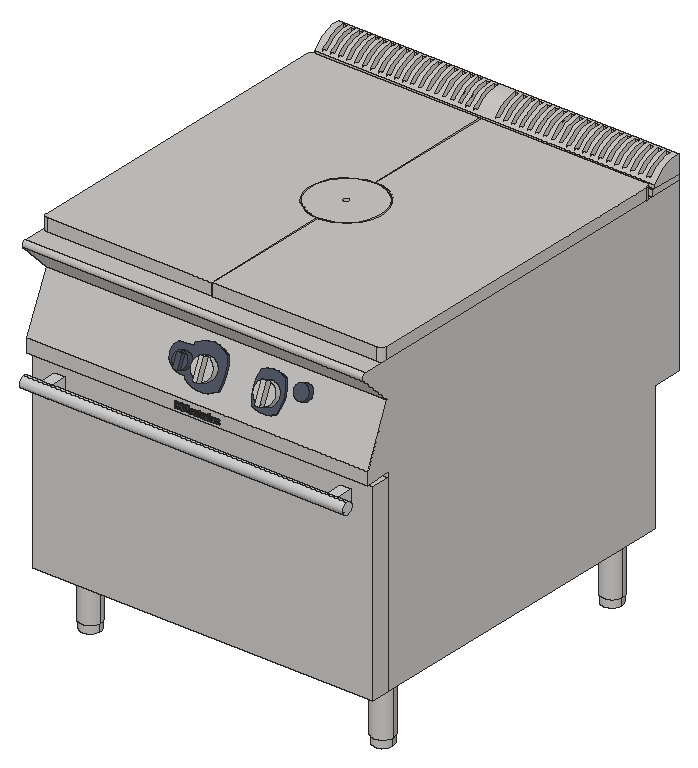
Revit family "QF_ELECTROLUXPROFESSIONAL_391606_E9DDATBBMEI", category Attrezzature speciali, Revit 2021 (continued)
Automatic sketch dimensions
  Extrusion 9 sketch curve to Extrusion 9 sketch curve = 0.408 mm
  Extrusion 9 sketch curve to Extrusion 9 sketch curve = 0.743 mm
  Extrusion 9 sketch curve to Extrusion 9 sketch curve = 1.16 mm
  Extrusion 9 sketch curve to Extrusion 9 sketch curve = 0.329 mm
  Extrusion 9 sketch curve to Extrusion 9 sketch curve = 1.054 mm
  Extrusion 9 sketch curve to Extrusion 9 sketch curve = 1.056 mm
  Extrusion 9 sketch curve to Extrusion 9 sketch curve = 0.129 mm
  Extrusion 9 sketch curve to Extrusion 9 sketch curve = 0.489 mm
  Extrusion 9 sketch curve to Extrusion 9 sketch curve = 0.441 mm
  Extrusion 9 sketch curve to Extrusion 9 sketch curve = 1.151 mm
  Extrusion 9 sketch curve to Extrusion 9 sketch curve = 1.141 mm  (x2)
  Extrusion 9 sketch curve to Extrusion 9 sketch curve = 0.768 mm
  Extrusion 9 sketch curve to Extrusion 9 sketch curve = 1.653 mm
  Extrusion 9 sketch curve to Extrusion 9 sketch curve = 0.499 mm
  Extrusion 9 sketch curve to Extrusion 9 sketch curve = 0.964 mm
  Extrusion 9 sketch curve to Extrusion 9 sketch curve = 0.949 mm
  Extrusion 9 sketch curve to Extrusion 9 sketch curve = 1.345 mm  (x3)
  Extrusion 9 sketch curve to Extrusion 9 sketch curve = 1.101 mm
  Extrusion 9 sketch curve to Extrusion 9 sketch curve = 0.432 mm
  Extrusion 9 sketch curve to Extrusion 9 sketch curve = 1.142 mm
  Extrusion 9 sketch curve to Extrusion 9 sketch curve = 0.959 mm
  Extrusion 9 sketch curve to Extrusion 9 sketch curve = 0.176 mm
  Extrusion 9 sketch curve to Extrusion 9 sketch curve = 0.728 mm
  Extrusion 9 sketch curve to Extrusion 9 sketch curve = 3.375 mm  (x2)
  Extrusion 9 sketch curve to Extrusion 9 sketch curve = 0.541 mm
  Extrusion 9 sketch curve to Extrusion 9 sketch curve = 0.955 mm
  Extrusion 9 sketch curve to Extrusion 9 sketch curve = 1.251 mm
  Extrusion 9 sketch curve to Extrusion 9 sketch curve = 0.572 mm
  Extrusion 9 sketch curve to Extrusion 9 sketch curve = 1.92 mm
  Extrusion 9 sketch curve to Extrusion 9 sketch curve = 1.224 mm
  Extrusion 9 sketch curve to Extrusion 9 sketch curve = 0.745 mm
  Extrusion 9 sketch curve to Extrusion 9 sketch curve = 2.537 mm
  Extrusion 9 sketch curve to Extrusion 9 sketch curve = 0.896 mm  (x3)
  Extrusion 9 sketch curve to Extrusion 9 sketch curve = 0.036 mm
  Extrusion 9 sketch curve to Extrusion 9 sketch curve = 2.607 mm
  Extrusion 9 sketch curve to Extrusion 9 sketch curve = 0.066 mm
  Extrusion 9 sketch curve to Extrusion 9 sketch curve = 0.248 mm
  Extrusion 9 sketch curve to Extrusion 9 sketch curve = 0.449 mm
  Extrusion 9 sketch curve to Extrusion 9 sketch curve = 1.052 mm
  Extrusion 9 sketch curve to Extrusion 9 sketch curve = 1.863 mm
  Extrusion 9 sketch curve to Extrusion 9 sketch curve = 1.31 mm  (x2)
  Extrusion 9 sketch curve to Extrusion 9 sketch curve = 0.901 mm
  Extrusion 9 sketch curve to Extrusion 9 sketch curve = 1.107 mm
  Extrusion 9 sketch curve to Extrusion 9 sketch curve = 2.122 mm
  Extrusion 9 sketch curve to Extrusion 9 sketch curve = 2.101 mm
  Extrusion 9 sketch curve to Extrusion 9 sketch curve = 0.106 mm
  Extrusion 9 sketch curve to Extrusion 9 sketch curve = 0.029 mm
  Extrusion 9 sketch curve to Extrusion 9 sketch curve = 2.09 mm
  Extrusion 9 sketch curve to Extrusion 9 sketch curve = 1.279 mm
  Extrusion 9 sketch curve to Extrusion 9 sketch curve = 2.008 mm
  Extrusion 9 sketch curve to Extrusion 9 sketch curve = 0.738 mm
  Extrusion 9 sketch curve to Extrusion 9 sketch curve = 0.382 mm
  Extrusion 9 sketch curve to Extrusion 9 sketch curve = 0.384 mm
  Extrusion 9 sketch curve to Extrusion 9 sketch curve = 0.002 mm
  Extrusion 9 sketch curve to Extrusion 9 sketch curve = 0.561 mm
  Extrusion 9 sketch curve to Extrusion 9 sketch curve = 0.592 mm
  Extrusion 9 sketch curve to Extrusion 9 sketch curve = 2.692 mm
  Extrusion 9 sketch curve to Extrusion 9 sketch curve = 1.259 mm
  Extrusion 9 sketch curve to Extrusion 9 sketch curve = 0.802 mm
  Extrusion 9 sketch curve to Extrusion 9 sketch curve = 1.024 mm  (x2)
  Extrusion 9 sketch curve to Extrusion 9 sketch curve = 0.682 mm
  Extrusion 9 sketch curve to Extrusion 9 sketch curve = 5.934 mm
  Extrusion 9 sketch curve to Extrusion 9 sketch curve = 2.186 mm
  Extrusion 9 sketch curve to Extrusion 9 sketch curve = 0.337 mm
  Extrusion 9 sketch curve to Extrusion 9 sketch curve = 0.021 mm
  Extrusion 9 sketch curve to Extrusion 9 sketch curve = 1.005 mm
  Extrusion 9 sketch curve to Extrusion 9 sketch curve = 0.552 mm
  Extrusion 9 sketch curve to Extrusion 9 sketch curve = 0.778 mm
  Extrusion 9 sketch curve to Extrusion 9 sketch curve = 0.063 mm
  Extrusion 9 sketch curve to Extrusion 9 sketch curve = 1.023 mm
  Extrusion 9 sketch curve to Extrusion 9 sketch curve = 3.804 mm
  Extrusion 9 sketch curve to Extrusion 9 sketch curve = 0.486 mm
  Extrusion 9 sketch curve to Extrusion 9 sketch curve = 0.266 mm
  Extrusion 9 sketch curve to Extrusion 9 sketch curve = 1.547 mm
  Extrusion 9 sketch curve to Extrusion 9 sketch curve = 0.717 mm  (x2)
  Extrusion 9 sketch curve to Extrusion 9 sketch curve = 1.667 mm
  Extrusion 9 sketch curve to Extrusion 9 sketch curve = 3.174 mm
  Extrusion 9 sketch curve to Extrusion 9 sketch curve = 0.388 mm
  Extrusion 9 sketch curve to Extrusion 9 sketch curve = 1.342 mm
  Extrusion 9 sketch curve to Extrusion 9 sketch curve = 1.521 mm
  Extrusion 9 sketch curve to Extrusion 9 sketch curve = 0.124 mm
  Extrusion 9 sketch curve to Extrusion 9 sketch curve = 0.291 mm
  Extrusion 9 sketch curve to Extrusion 9 sketch curve = 1.049 mm  (x2)
  Extrusion 9 sketch curve to Extrusion 9 sketch curve = 1.7 mm
  Extrusion 9 sketch curve to Extrusion 9 sketch curve = 0.894 mm
  Extrusion 9 sketch curve to Extrusion 9 sketch curve = 0.989 mm
  Extrusion 9 sketch curve to Extrusion 9 sketch curve = 1.168 mm
  Extrusion 9 sketch curve to Extrusion 9 sketch curve = 1.594 mm
  Extrusion 9 sketch curve to Extrusion 9 sketch curve = 0.731 mm
  Extrusion 9 sketch curve to Extrusion 9 sketch curve = 1.566 mm
  Extrusion 9 sketch curve to Extrusion 9 sketch curve = 0.064 mm
  Extrusion 9 sketch curve to Extrusion 9 sketch curve = 0.556 mm  (x2)
  Extrusion 9 sketch curve to Extrusion 9 sketch curve = 0.48 mm
  Extrusion 9 sketch curve to Extrusion 9 sketch curve = 1.018 mm
  Extrusion 9 sketch curve to Extrusion 9 sketch curve = 0.787 mm
  Extrusion 9 sketch curve to Extrusion 9 sketch curve = 0.618 mm
  Extrusion 9 sketch curve to Extrusion 9 sketch curve = 1.672 mm
  Extrusion 9 sketch curve to Extrusion 9 sketch curve = 1.361 mm
  Extrusion 9 sketch curve to Extrusion 9 sketch curve = 0.822 mm
  Extrusion 9 sketch curve to Extrusion 9 sketch curve = 0.069 mm
  Extrusion 9 sketch curve to Extrusion 9 sketch curve = 1.88 mm
  Extrusion 9 sketch curve to Extrusion 9 sketch curve = 0.42 mm
  Extrusion 9 sketch curve to Extrusion 9 sketch curve = 0.062 mm
  Extrusion 9 sketch curve to Extrusion 9 sketch curve = 1.355 mm
  Extrusion 9 sketch curve to Extrusion 9 sketch curve = 2.34 mm
  Extrusion 9 sketch curve to Extrusion 9 sketch curve = 0.493 mm
  Extrusion 9 sketch curve to Extrusion 9 sketch curve = 0.136 mm
  Extrusion 9 sketch curve to Extrusion 9 sketch curve = 0.128 mm
  Extrusion 9 sketch curve to Extrusion 9 sketch curve = 3.616 mm
  Extrusion 9 sketch curve to Extrusion 9 sketch curve = 4.207 mm
  Extrusion 9 sketch curve to Extrusion 9 sketch curve = 0.183 mm
  Extrusion 9 sketch curve to Extrusion 9 sketch curve = 0.895 mm
  Extrusion 9 sketch curve to Extrusion 9 sketch curve = 1.314 mm
  Extrusion 9 sketch curve to Extrusion 9 sketch curve = 3.231 mm
  Extrusion 9 sketch curve to Extrusion 9 sketch curve = 1.299 mm
  Extrusion 9 sketch curve to Extrusion 9 sketch curve = 1.214 mm
  Extrusion 9 sketch curve to Extrusion 9 sketch curve = 1.264 mm
  Extrusion 9 sketch curve to Extrusion 9 sketch curve = 0.109 mm
  Extrusion 9 sketch curve to Extrusion 9 sketch curve = 0.357 mm
  Extrusion 9 sketch curve to Extrusion 9 sketch curve = 0.565 mm
  Extrusion 9 sketch curve to Extrusion 9 sketch curve = 2.504 mm
  Extrusion 9 sketch curve to Extrusion 9 sketch curve = 2.459 mm
  Extrusion 5 to Extrusion 9 sketch curve = 345.888 mm
  Extrusion 9 sketch curve to Extrusion 9 sketch curve = 0.208 mm
  Extrusion 9 sketch curve to Extrusion 9 sketch curve = 0.468 mm  (x2)
  Extrusion 9 sketch curve to Extrusion 9 sketch curve = 1.559 mm
  Extrusion 9 sketch curve to Extrusion 9 sketch curve = 0.422 mm  (x2)
  Extrusion 9 sketch curve to Extrusion 9 sketch curve = 0.494 mm
  Extrusion 9 sketch curve to Extrusion 9 sketch curve = 3.927 mm
  Extrusion 9 sketch curve to Extrusion 9 sketch curve = 0.782 mm
  Extrusion 9 sketch curve to Extrusion 9 sketch curve = 1.268 mm
  Extrusion 9 sketch curve to Extrusion 9 sketch curve = 0.671 mm
  Extrusion 9 sketch curve to Extrusion 9 sketch curve = 0.777 mm
  Extrusion 9 sketch curve to Extrusion 9 sketch curve = 0.704 mm
  Extrusion 9 sketch curve to Extrusion 9 sketch curve = 0.781 mm  (x2)
  Extrusion 9 sketch curve to Extrusion 9 sketch curve = 1.634 mm
  Extrusion 9 sketch curve to Extrusion 9 sketch curve = 0.132 mm
  Extrusion 9 sketch curve to Extrusion 9 sketch curve = 3.136 mm
  Extrusion 9 sketch curve to Extrusion 9 sketch curve = 2.422 mm
  Extrusion 9 sketch curve to Extrusion 9 sketch curve = 0.586 mm
  Extrusion 9 sketch curve to Extrusion 9 sketch curve = 2.046 mm  (x2)
  Extrusion 9 sketch curve to Extrusion 9 sketch curve = 1.241 mm
  Extrusion 9 sketch curve to Extrusion 9 sketch curve = 1.689 mm
  Extrusion 9 sketch curve to Extrusion 9 sketch curve = 2.859 mm
  Extrusion 9 sketch curve to Extrusion 9 sketch curve = 0.627 mm
  Extrusion 9 sketch curve to Extrusion 9 sketch curve = 0.863 mm
  Extrusion 9 sketch curve to Extrusion 9 sketch curve = 0.419 mm
  Extrusion 9 sketch curve to Extrusion 9 sketch curve = 1.514 mm
  Extrusion 9 sketch curve to Extrusion 9 sketch curve = 1.019 mm
  Extrusion 9 sketch curve to Extrusion 9 sketch curve = 0.065 mm
  Extrusion 9 sketch curve to Extrusion 9 sketch curve = 1.215 mm
  Extrusion 9 sketch curve to Extrusion 9 sketch curve = 2.708 mm
  Extrusion 9 sketch curve to Extrusion 9 sketch curve = 1.122 mm
  Extrusion 9 sketch curve to Extrusion 9 sketch curve = 1.153 mm
  Extrusion 9 sketch curve to Extrusion 9 sketch curve = 3.009 mm
  Extrusion 9 sketch curve to Extrusion 9 sketch curve = 0.829 mm  (x2)
  Extrusion 9 sketch curve to Extrusion 9 sketch curve = 0.934 mm
  Extrusion 9 sketch curve to Extrusion 9 sketch curve = 3.376 mm
  Extrusion 9 sketch curve to Extrusion 9 sketch curve = 0.222 mm
  Extrusion 9 sketch curve to Extrusion 9 sketch curve = 1.383 mm
  Extrusion 9 sketch curve to Extrusion 9 sketch curve = 1.556 mm
  Extrusion 9 sketch curve to Extrusion 9 sketch curve = 2.559 mm
  Extrusion 9 sketch curve to Extrusion 9 sketch curve = 2.51 mm
  Extrusion 9 sketch curve to Extrusion 9 sketch curve = 0.131 mm
  Extrusion 9 sketch curve to Extrusion 9 sketch curve = 1.717 mm
  Extrusion 9 sketch curve to Extrusion 9 sketch curve = 1.134 mm
  Extrusion 9 sketch curve to Extrusion 9 sketch curve = 0.366 mm
  Extrusion 9 sketch curve to Extrusion 9 sketch curve = 0.094 mm
  Extrusion 9 sketch curve to Extrusion 9 sketch curve = 1.584 mm
  Extrusion 9 sketch curve to Extrusion 9 sketch curve = 1.501 mm
  Extrusion 9 sketch curve to Extrusion 9 sketch curve = 0.27 mm
  Extrusion 9 sketch curve to Extrusion 9 sketch curve = 1.808 mm
  Extrusion 9 sketch curve to Extrusion 9 sketch curve = 0.643 mm
  Extrusion 9 sketch curve to Extrusion 9 sketch curve = 0.916 mm
  Extrusion 9 sketch curve to Extrusion 9 sketch curve = 0.352 mm
  Extrusion 9 sketch curve to Extrusion 9 sketch curve = 0.458 mm
  Extrusion 9 sketch curve to Extrusion 9 sketch curve = 1.282 mm
  Extrusion 9 sketch curve to Extrusion 9 sketch curve = 1.363 mm
  Extrusion 9 sketch curve to Extrusion 9 sketch curve = 0.685 mm
  Extrusion 9 sketch curve to Extrusion 9 sketch curve = 0.905 mm
  Extrusion 9 sketch curve to Extrusion 9 sketch curve = 2.865 mm
  Extrusion 9 sketch curve to Extrusion 9 sketch curve = 0.472 mm
  Extrusion 9 sketch curve to Extrusion 9 sketch curve = 0.101 mm
  Extrusion 9 sketch curve to Extrusion 9 sketch curve = 0.54 mm
  Extrusion 9 sketch curve to Extrusion 9 sketch curve = 0.02 mm
  Extrusion 9 sketch curve to Extrusion 9 sketch curve = 0.582 mm
  Extrusion 9 sketch curve to Extrusion 9 sketch curve = 0.166 mm
  Extrusion 9 sketch curve to Extrusion 9 sketch curve = 0.16 mm
  Extrusion 9 sketch curve to Extrusion 9 sketch curve = 2.781 mm
  Extrusion 9 sketch curve to Extrusion 9 sketch curve = 1.118 mm
  Extrusion 9 sketch curve to Extrusion 9 sketch curve = 0.613 mm
  Extrusion 9 sketch curve to Extrusion 9 sketch curve = 0.361 mm
  Extrusion 9 sketch curve to Extrusion 9 sketch curve = 0.897 mm
  Extrusion 9 sketch curve to Extrusion 9 sketch curve = 0.167 mm
  Extrusion 9 sketch curve to Extrusion 9 sketch curve = 0.292 mm
  Extrusion 9 sketch curve to Extrusion 9 sketch curve = 0.305 mm
  Extrusion 9 sketch curve to Extrusion 9 sketch curve = 1.557 mm
  Extrusion 9 sketch curve to Extrusion 9 sketch curve = 2.499 mm
  Extrusion 9 sketch curve to Extrusion 9 sketch curve = 3.062 mm
  Extrusion 9 sketch curve to Extrusion 9 sketch curve = 2.968 mm
  Extrusion 9 sketch curve to Extrusion 9 sketch curve = 5.044 mm
  Extrusion 9 sketch curve to Extrusion 9 sketch curve = 0.629 mm  (x2)
  Extrusion 9 sketch curve to Extrusion 9 sketch curve = 1.131 mm
  Extrusion 9 sketch curve to Extrusion 9 sketch curve = 0.137 mm
  Extrusion 9 sketch curve to Extrusion 9 sketch curve = 0.027 mm
  Extrusion 9 sketch curve to Extrusion 9 sketch curve = 2.235 mm
  Extrusion 10 sketch curve to plane 10 = 0 mm
  Extrusion 10 sketch curve to plane 1 "BACK" = 0 mm
  plane 10 to Extrusion 10 sketch curve = 14.288 mm
  Extrusion 10 sketch curve to plane 15 = 49.8 mm
  Extrusion 11 sketch curve to plane 4 "RIGHT" = 14.847 mm
  Extrusion 11 sketch curve to Extrusion 11 sketch curve = 9.296 mm  (x38)
  Extrusion 11 sketch curve to Extrusion 11 sketch curve = 9.397 mm  (x36)
  plane 14 to Extrusion 11 sketch curve = 3.768 mm
  Extrusion 11 sketch curve to plane 14 = 5.528 mm
  Extrusion 11 sketch curve to plane 7 "Center Y" = 20.698 mm
  Extrusion 11 sketch curve to plane 13 = 5.528 mm
  plane 13 to Extrusion 11 sketch curve = 3.768 mm
  plane 1 "BACK" to Extrusion 11 sketch curve = 6.761 mm  (x40)
  Extrusion 11 sketch curve to Extrusion 11 sketch curve = 57.15 mm  (x2)
  Extrusion 11 sketch curve to Extrusion 11 sketch curve = 0 mm  (x38)
  Extrusion 12 sketch curve to plane 1 "BACK" = 0 mm
  Extrusion 12 sketch curve to plane 6 "TOP" = 0 mm
  plane 1 "BACK" to Extrusion 12 sketch curve = 1.769 mm
  plane 10 to Extrusion 12 sketch curve = 23.812 mm
  plane 1 "BACK" to Extrusion 12 sketch curve = 69.85 mm
  plane 10 to Extrusion 12 sketch curve = 14.288 mm
  Extrusion 5 to Extrusion 14 sketch curve = 30.134 mm  (x2)
  Extrusion 14 sketch curve to Extrusion 14 sketch curve = 12.3 mm  (x3)
  Extrusion 14 sketch curve to Extrusion 14 sketch curve = 36.365 mm  (x2)
  Extrusion 14 sketch curve to Extrusion 14 sketch curve = 46.691 mm
  Extrusion 5 to Extrusion 14 sketch curve = 308.131 mm
  Extrusion 14 sketch curve to Extrusion 14 sketch curve = 25.727 mm
  Extrusion 14 sketch curve to Extrusion 14 sketch curve = 26.344 mm
  Extrusion 14 sketch curve to Extrusion 14 sketch curve = 28.57 mm
  Extrusion 16 sketch curve to Extrusion 16 sketch curve = 24.732 mm
  Extrusion 16 sketch curve to Extrusion 16 sketch curve = 0 mm
  Extrusion 5 to Extrusion 17 sketch curve = 42.286 mm
  Extrusion 5 to Extrusion 17 sketch curve = 177.817 mm
  Extrusion 18 sketch curve to Extrusion 18 sketch curve = 0 mm  (x2)
  Extrusion 5 to Extrusion 18 sketch curve = 28.402 mm
  Extrusion 5 to Extrusion 18 sketch curve = 29.762 mm
  Extrusion 18 sketch curve to Extrusion 18 sketch curve = 5.974 mm
  Extrusion 18 sketch curve to Extrusion 18 sketch curve = 0.131 mm
  Extrusion 18 sketch curve to Extrusion 18 sketch curve = 5.168 mm
  Extrusion 18 sketch curve to Extrusion 18 sketch curve = 12.927 mm
  Extrusion 18 sketch curve to Extrusion 18 sketch curve = 23.969 mm  (x2)
  Extrusion 18 sketch curve to Extrusion 18 sketch curve = 36.738 mm
  Extrusion 18 sketch curve to Extrusion 18 sketch curve = 2.986 mm
  Extrusion 18 sketch curve to Extrusion 18 sketch curve = 35.441 mm
  Extrusion 18 sketch curve to Extrusion 18 sketch curve = 28.808 mm
  Extrusion 18 sketch curve to Extrusion 18 sketch curve = 33.329 mm
  Extrusion 18 sketch curve to Extrusion 18 sketch curve = 5.918 mm
  Extrusion 5 to Extrusion 18 sketch curve = 75.859 mm
  Extrusion 5 to Extrusion 18 sketch curve = 325.393 mm
  Extrusion 18 sketch curve to Extrusion 18 sketch curve = 17.177 mm
  Extrusion 18 sketch curve to Extrusion 18 sketch curve = 11.842 mm
  Extrusion 18 sketch curve to Extrusion 18 sketch curve = 30.101 mm
  Extrusion 18 sketch curve to Extrusion 18 sketch curve = 4.832 mm
  Extrusion 18 sketch curve to Extrusion 18 sketch curve = 2.204 mm
  Extrusion 18 sketch curve to Extrusion 18 sketch curve = 39.001 mm
  Extrusion 20 sketch curve to Extrusion 20 sketch curve = 24.732 mm
  Extrusion 20 sketch curve to Extrusion 20 sketch curve = 0 mm
  Extrusion 22 sketch curve to Extrusion 22 sketch curve = 0 mm
  Extrusion 22 sketch curve to Extrusion 22 sketch curve = 7.232 mm  (x3)
  Extrusion 22 sketch curve to Extrusion 22 sketch curve = 17.5 mm
  Extrusion 22 sketch curve to Extrusion 22 sketch curve = 5.786 mm
  Extrusion 5 to Extrusion 24 sketch curve = 0 mm
  Extrusion 24 sketch curve to Extrusion 5 = 22.408 mm
  Extrusion 24 sketch curve to Extrusion 5 = 15.963 mm
  Extrusion 5 to Extrusion 24 sketch curve = 393.167 mm
  Extrusion 5 to Extrusion 24 sketch curve = 22.617 mm
  plane 5 "FRONT" to Extrusion 25 sketch curve = 0 mm  (x2)
  Extrusion 25 sketch curve to plane 3 "LEFT" = 0 mm
  plane 1 "BACK" to Extrusion 25 sketch curve = 0 mm
  Extrusion 25 sketch curve to plane 4 "RIGHT" = 0 mm
  Extrusion 25 sketch curve to plane 3 "LEFT" = 100 mm
  plane 4 "RIGHT" to Extrusion 25 sketch curve = 100 mm
  Extrusion 25 sketch curve to plane 1 "BACK" = 100 mm
  Extrusion 26 sketch curve to plane 5 "FRONT" = 30.129 mm
  Extrusion 26 sketch curve to plane 10 = 298.908 mm
  plane 5 "FRONT" to Extrusion 26 sketch curve = 17.679 mm
  Extrusion 26 sketch curve to Extrusion 26 sketch curve = 3.343 mm
  Extrusion 26 sketch curve to Extrusion 26 sketch curve = 2.066 mm
  Extrusion 26 sketch curve to Extrusion 26 sketch curve = 0 mm  (x2)
  Extrusion 26 sketch curve to Extrusion 26 sketch curve = 1.593 mm
  Extrusion 26 sketch curve to Extrusion 26 sketch curve = 5.756 mm
  Extrusion 26 sketch curve to Extrusion 26 sketch curve = 4.906 mm
  Extrusion 26 sketch curve to Extrusion 26 sketch curve = 5.312 mm
  plane 5 "FRONT" to Extrusion 26 sketch curve = 8.549 mm
  Extrusion 26 sketch curve to Extrusion 26 sketch curve = 11.3 mm
  Extrusion 26 sketch curve to Extrusion 26 sketch curve = 28.009 mm
  Extrusion 26 sketch curve to Extrusion 26 sketch curve = 11.2 mm
  Extrusion 6 to Extrusion 8 sketch curve = 30.812 mm
  Extrusion 8 sketch curve to Extrusion 6 = 49.878 mm
  Extrusion 13 sketch curve to Extrusion 13 sketch curve = 0 mm  (x5)
  Extrusion 13 sketch curve to Extrusion 5 = 82.3 mm
  Extrusion 13 sketch curve to Extrusion 13 sketch curve = 12.7 mm  (x2)
  Extrusion 13 sketch curve to Extrusion 13 sketch curve = 309.612 mm
  Extrusion 13 sketch curve to Extrusion 13 sketch curve = 0.006 mm
  Extrusion 13 sketch curve to Extrusion 13 sketch curve = 85.486 mm
  Extrusion 13 sketch curve to Extrusion 13 sketch curve = 0.001 mm
  Extrusion 13 sketch curve to Extrusion 13 sketch curve = 85.475 mm
  Extrusion 13 sketch curve to Extrusion 13 sketch curve = 0.017 mm
  Extrusion 13 sketch curve to Extrusion 5 = 61.9 mm  (x2)
  Extrusion 13 sketch curve to Extrusion 5 = 49.2 mm
  Extrusion 5 to Extrusion 13 sketch curve = 0 mm
  Extrusion 13 sketch curve to Extrusion 13 sketch curve = 385.772 mm
  Extrusion 13 sketch curve to Extrusion 13 sketch curve = 0.481 mm
  Extrusion 13 sketch curve to Extrusion 13 sketch curve = 0.324 mm
  Extrusion 13 sketch curve to Extrusion 13 sketch curve = 0.04 mm
  Extrusion 13 sketch curve to Extrusion 13 sketch curve = 2.956 mm
  Extrusion 5 to Extrusion 13 sketch curve = 12.7 mm
  radius of Extrusion 15 sketch curve = 25.4 mm
  radius of Extrusion 16 sketch curve to Extrusion 15 = 0 mm  (x2)
  radius of Extrusion 17 sketch curve = 17.78 mm
  radius of Extrusion 19 sketch curve = 25.4 mm
  radius of Extrusion 20 sketch curve to Extrusion 19 = 0 mm  (x2)
  radius of Extrusion 21 sketch curve = 18.37 mm
  radius of Extrusion 23 sketch curve = 6.4 mm
  radius of Extrusion 8 sketch curve = 12.7 mm
  radius of Extrusion 13 sketch curve = 82.6 mm
  radius of Extrusion 13 sketch curve = 7 mm
Connectors
  piping at (747.613, -664, 129), diameter 12.8
    settings: on Extrusion 23, index 1, connector inside diameter 0.50394", connector length 0 mm, flow factor 0, pipe flow 0 GPM, pressure drop 0.00 psi, fitting loss kfactor 0, connector angle 0.00°, fixture units 0, engagement length 0 mm, angle of deflection 0.00°, flow configuration 1, flow direction 1, fitting loss method 0, system type 7, joint type 0, gender type 0, connector reference index -1, connector utility 0, adjustable connector no, is connector primary yes, connector description "GAS CONNECTION"
